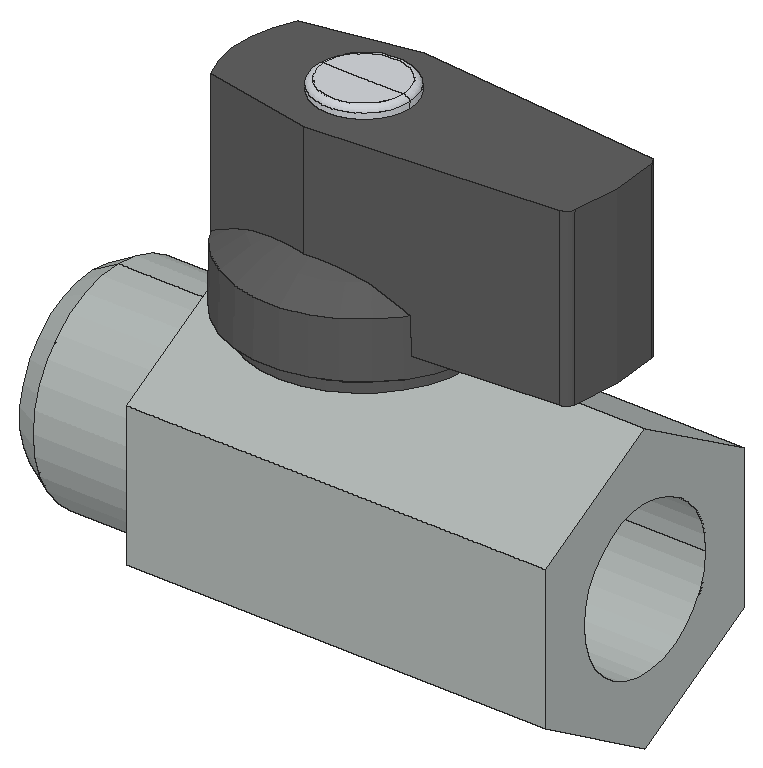
Revit family "QL10351015", category Apparecchi idraulici, Revit 2020
Family settings
  Quota connettore circolare = Usa diametro
  Tipo di parte = Normale
  Numero OmniClass = 23.45.00.00
  Titolo OmniClass = Sanitary, Laundry, and Cleaning Equipment
  Basato su piano di lavoro = No
  Sempre verticale = Sì
  Taglio con vuoti quando caricato = No
  Condiviso = No
  Punto di calcolo locali = No
Parameters
  URL = "https://web.cimberio.com/index.php/figura/957?subcategoria_id=47"
  Temperatura di esercizio = "-20 ÷ 95°C"
  Prospetto di default = 0 mm
  Produttore = "CIMBERIO SPA"
  Pressione nominale = "PN 150"
  Modello = "Cim 012CR"
  Materiale = "Prodotto in lega di ottone conforme alla norma EN 12165-CW617N-DW"
  Descrizione = "Utilizzato nei più svariati settori dell'impiantistica: impianti di riscaldamento, condizionamento, idrici, igienico-sanitari e in generale con ogni fluido non corrosivo"
  DN [instance] = 15 mm
  Commenti sul tipo = "Realizzato in ottemperanza ai requisiti gestionali della norma EN ISO 9001.\r\nCollaudato al 100% secondo la normativa EN 12266-1"
Reference planes
  plane 1 "Centro (Fronte/Retro)": y = 0
  plane 2: z = 0
  plane 3 "Centro (Sinistra/Destra)": x = 0
Forms (mm)
  Extrusion 1, solid, material "Cim_Lega di ottone"
    sketch origin (0, 0, 14) x (0, 1, 0) y (0, 0, 1)
      loop
        circle (0, 0) r 7.5
      loop
        line (0, 14) -> (-12.124, 7) -> (-12.124, -7) -> (0, -14) -> (12.124, -7) -> (12.124, 7) -> (0, 14)
    from -15.043 to 25.957
  Revolve 2, solid, material "Cim_Gomma"
    sketch origin (0.156, 0, -0.02) x (1, 0, 0) y (0, 0, 1)
      loop
        line (-13.65, 29.159) -> (-12.068, 28.245) -> (-12.068, 27.3) -> (-1.75, 27.3) -> (-1.75, 38.235)
        arc (-1.75, 38.235) -> (-7.968, 37.443) -> (-13.555, 34.603) r 18.326
        line (-13.555, 34.603) -> (-13.65, 29.159)
      axis (-1.75, 27.3) -> (-1.75, 38.235)
    angle from 0 to 360
  Revolve 3, solid
    sketch origin (0.186, 0, -0.001) x (1, 0, 0) y (0, 0, 1)
      loop
        line (-6.25, 48.586) -> (-6.25, 47.06) -> (-1.75, 47.06) -> (-1.75, 49.1) -> (-5.644, 49.1)
        arc (-5.644, 49.1) -> (-6.041, 48.954) -> (-6.25, 48.586) r 0.614
      axis (-1.75, 49.1) -> (-1.75, 47.06)
    angle from 0 to 360
  Extrusion 4, solid, material "Cim_Gomma"
    sketch origin (0, 0, 0) x (1, 0, 0) y (0, 1, 0)
      loop
        line (-1.55, -7.358) -> (21.897, -5.374)
        arc (21.897, -5.374) -> (22.482, -5.121) -> (22.795, -4.565) r 1
        arc (22.795, -4.565) -> (23.239, 0.126) -> (22.795, 4.817) r 25
        arc (22.795, 4.817) -> (22.645, 5.184) -> (22.364, 5.464) r 1
        line (22.364, 5.464) -> (-1.549, 7.359) -> (-12.286, 5.325)
        arc (-12.286, 5.325) -> (-13.555, -0.054) -> (-12.237, -5.422) r 11.805
        line (-12.237, -5.422) -> (-1.55, -7.358)
    from 31.045 to 48.089
  Revolve 5, solid, material "Cim_Lega di ottone filetto"
    sketch origin (-0.985, 0, 0) x (1, 0, 0) y (0, 0, 1)
      loop
        line (-14.058, 24.427) -> (-24.564, 24.422) -> (-27.063, 22.977) -> (-27.063, 21.5) -> (-14.058, 21.5) -> (-14.058, 24.427)
      axis (-14.058, 14) -> (-27.063, 14)
    angle from 0 to 360
Dimensions and locks
  aligned and locked: level to plane 2
Connectors
  piping at (25.957, 0, 14), diameter 15, driven by "DN"
    settings: on Extrusion 1, index 1, connector inside diameter 609.6 mm, connector length 0 mm, flow factor 0, pipe flow 0.0 L/s, pressure drop 0.0 Pa, fitting loss kfactor 0, connector angle 0.00°, fixture units 0, engagement length 0 mm, angle of deflection 0.00°, flow configuration 0, flow direction 0, fitting loss method 0, system type 7, joint type 0, gender type 0, connector reference index -1, connector utility 0, adjustable connector no, is connector primary yes, connector description ""
  piping at (-28.048, 0, 14), diameter 15, driven by "DN"
    settings: on Revolve 5, index 2, connector inside diameter 609.6 mm, connector length 0 mm, flow factor 0, pipe flow 0.0 L/s, pressure drop 0.0 Pa, fitting loss kfactor 0, connector angle 0.00°, fixture units 0, engagement length 0 mm, angle of deflection 0.00°, flow configuration 0, flow direction 0, fitting loss method 0, system type 7, joint type 0, gender type 0, connector reference index -1, connector utility 0, adjustable connector no, is connector primary no, connector description ""
